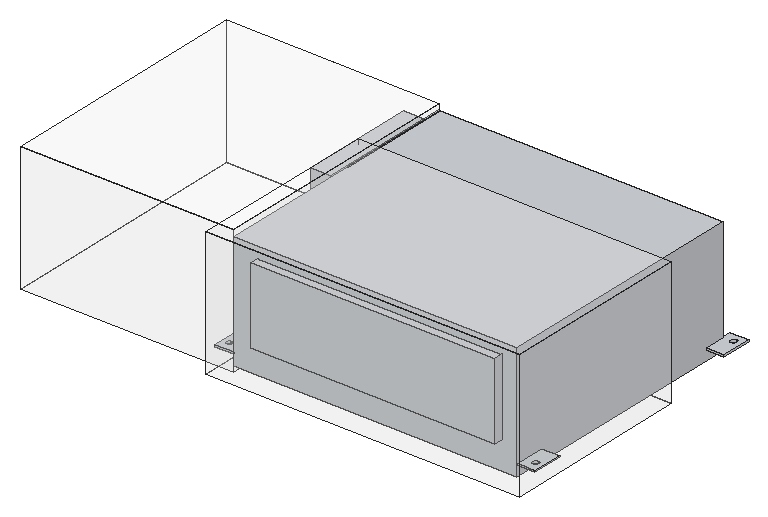
Revit family "pefy-p90_280mg9-f_60Hz", category 機械設備, Revit 2019
Family settings
  丸型コネクタ寸法 = 直径を使用
  パーツ タイプ = 標準
  OmniClass 番号 = 23.75.10.24.21.27.27
  OmniClass タイトル = Split System Air Conditioning Units
  作業面ベース = いいえ
  常に垂直 = はい
  ロード時にボイドで切り取り = いいえ
  共有 = いいえ
  部屋計算ポイント = はい
Parameters (values of type "PEFY-P90MG9-F")
  風量（m3／min） = 9
  風量 = MAX風量  # 540.0 m³/h
  音響パワーレベル(dB) = 58
  電源種別 = ""
  電源_H = 0 mm
  電圧_電気ヒーター = 0 V
  電圧 = 200 V
  電動機出力_送風機 = 0.07 kW
  運転質量 = 0.00 kg
  連動 = ""
  質量 = if(製品質量 > 運転質量, 製品質量, 運転質量) * 1.2  # 62.40 kg
  負荷分類 = 3_ファン類
  説明 = "ビル用マルチエアコン オールフレッシュ　室内機"
  設計暖房能力 = 0.00 kW
  設計冷房能力_顕熱 = 0 kW
  設計冷房能力 = 0 kW
  設置方法 = "天井吊(隠ぺい)形"
  記号 = ""
  製造元 = "三菱電機株式会社"
  製品質量 = 52.00 kg
  製品出荷対象 = "国内"
  製品リリース年月 = "2022年9月15日"
  製品グループ = ""
  系統 = ""
  符号 = "ACP_CID"
  積算_科目 = "1 空気調和設備"
  積算_拾い区分 [instance] = ""
  相_電気ヒーター = 1
  相 = 1
  盤記号 = ""
  発停方法 = ""
  特殊仕様 = ""
  点検口離隔 [instance] = if(点検口離隔入力値 > 200 mm, 200 mm, if(点検口離隔入力値 < 150 mm, 150 mm, 点検口離隔入力値))  # 150 mm
  点検口離隔入力値 [instance] = 150 mm
  点検口設置範囲 = 700 mm
  点検口位置 = 200 mm
  点検口 = yes
  火災停止 = ""
  消費電力_電気ヒーター = 0.00 kW
  消費電力_暖房 = 0.15 kW
  消費電力_加湿器 = 0.00 kW
  消費電力_冷房 = 0.15 kW
  消費電力 = if(消費電力_冷房 > 消費電力_暖房, 消費電力_冷房, 消費電力_暖房) + 消費電力_加湿器 + 消費電力_電気ヒーター  # 0.15 kW
  法定耐用年数 = "15"
  機外静圧 = 130.0 Pa
  極数 = 3
  材質 = ""
  本体マテリアル = none
  有効加湿量 = 0
  暖房能力 = 8.50 kW
  推奨ブレーカー容量 = 0 A
  形式_加湿器 = ""
  形式 = "天井吊（隠ぺい）形（両ダクト形）"
  幹線記号 = ""
  始動方式 = ""
  呼称 = "室内機_天井吊(隠ぺい)形(両ダクト形)"
  周波数 = 60 Hz
  吊り幅 = if(Depth = 900 mm, 60 mm, 61 mm)  # 60 mm
  吊り位置Y = 814 mm
  吊り位置X = 1004 mm
  吊りボルト_H = 41 mm  # constant formula
  台数_手元リモコン = ""
  台数_冷媒分岐ユニット = ""
  参照している仕様書等のバージョン = "公共建築工事標準仕様書（機械設備工事編）平成31年度版"
  加湿給水管径 = 0 mm
  分類コード = "50053003221070"
  分類グループ = ""
  冷房能力 = 9 kW
  冷媒高低圧ガス管径 = 0 mm
  冷媒管径符号 = "Bd"
  冷媒管径 = 100 mm
  冷媒液管径 = 9.52 mm
  冷媒液管_縦 = 77 mm
  冷媒液管_横 = 92 mm
  冷媒ガス管径 = 15.88 mm
  冷媒ガス管_縦 = 130 mm
  冷媒ガス管_横 = 200 mm
  企業コード = "108420"
  付属品_フィルター = ""
  付属品 = ""
  仕様書バージョン = "Version1.0"
  モデル = "PEFY-P90MG9-F"
  ドレン管径 = 32 mm
  ドレン管_縦 = 328 mm
  ドレン管_横 = 387 mm
  サービススペース = yes
  コメント [instance] = ""
  ケーブル種類 = ""
  ケーブルサイズ = 1.6 mm
  Width = 1000 mm
  Version = ""
  Uniclass2015Version = "Systems v1.9"
  Uniclass2015Title = "Split coil remote air cooled condensing units"
  Uniclass2015Code = "Pr_70_65_03_84"
  URL = "https://www.mitsubishielectric.co.jp/ldg/wink/ssl/displayProduct.do?pid=317055"
  SpecificationReference = ""
  SpecificationDescription = ""
  S_H = Height + 20 mm  # 400 mm
  SAサイズ_W = 800 mm
  SAサイズ_D = 250 mm
  Revision = ""
  RAサイズ_W = 850 mm
  RAサイズ_D = 340 mm
  ProductInformation = ""
  OmniClassCode = "23-33 17 13 11"
  MAX風量 = 風量（m3／min） * 60.0 m³/h  # 540.0 m³/h
  IfcTypeProduct = ""
  IfcProduct = ""
  IfcExportType = "AIRCONDITIONINGUNIT"
  IfcExportAs = "IfcUnitaryEquipmentType"
  Height = 380 mm
  Depth = 900 mm
  Clearance Top = 20 mm  # constant formula
  Clearance Right = 50 mm  # constant formula
  Clearance Left = if(Width = 1000 mm, 980 mm, if(Width = 1200 mm, 1180 mm, 1300 mm))  # 980 mm
  Clearance Front = if(Depth = 900 mm, 575 mm, 680 mm)  # 575 mm
  Clearance Bottom = 20 mm  # constant formula
  Clearance Back = 50 mm  # constant formula
  Author = "三菱電機株式会社"
Types (6, lengths in mm): name | 風量（m3／min） | 風量 | 音響パワーレベル(dB) | 電動機出力_送風機 | 質量 | 製品質量 | 相 | 点検口設置範囲 | 消費電力_暖房 | 消費電力_冷房 | 消費電力 | 機外静圧 | 暖房能力 | 吊り幅 | 吊り位置Y | 吊り位置X | 冷房能力 | 冷媒管径符号 | 冷媒液管_縦 | 冷媒液管_横 | 冷媒ガス管径 | 冷媒ガス管_縦 | 冷媒ガス管_横 | モデル | ドレン管_縦 | ドレン管_横 | Width | URL | S_H | SAサイズ_W | SAサイズ_D | RAサイズ_W | RAサイズ_D | MAX風量 | Height | Depth | Clearance Left | Clearance Front
  PEFY-P90MG9-F | 9 | 540.0 m³/h | 58 | 0.07 kW | 62.40 kg | 52.00 kg | 1 | 700 | 0.15 kW | 0.15 kW | 0.15 kW | 130.0 Pa | 8.50 kW | 60 | 814 | 1004 | 9 kW | "Bd" | 77 | 92 | 15.88 | 130 | 200 | "PEFY-P90MG9-F" | 328 | 387 | 1000 | "https://www.mitsubishielectric.co.jp/ldg/wink/ssl/displayProduct.do?pid=317055" | 400 | 800 | 250 | 850 | 340 | 540.0 m³/h | 380 | 900 | 980 | 575
  PEFY-P112MG9-F | 14 | 840.0 m³/h | 60 | 0.08 kW | 81.60 kg | 68.00 kg | 1 | 700 | 0.21 kW | 0.21 kW | 0.21 kW | 130.0 Pa | 10.60 kW | 60 | 814 | 1204 | 11.2 kW | "Bd" | 77 | 92 | 15.88 | 130 | 200 | "PEFY-P112MG9-F" | 328 | 387 | 1200 | "https://www.mitsubishielectric.co.jp/ldg/wink/ssl/displayProduct.do?pid=317056" | 400 | 1000 | 250 | 1050 | 340 | 840.0 m³/h | 380 | 900 | 1180 | 575
  PEFY-P140MG9-F | 14 | 840.0 m³/h | 61 | 0.08 kW | 81.60 kg | 68.00 kg | 1 | 700 | 0.21 kW | 0.20 kW | 0.21 kW | 130.0 Pa | 13.20 kW | 60 | 814 | 1204 | 14 kW | "Bd" | 77 | 92 | 15.88 | 130 | 200 | "PEFY-P140MG9-F" | 328 | 387 | 1200 | "https://www.mitsubishielectric.co.jp/ldg/wink/ssl/displayProduct.do?pid=317057" | 400 | 1000 | 250 | 1050 | 340 | 840.0 m³/h | 380 | 900 | 1180 | 575
  PEFY-P160MG9-F | 18 | 1080.0 m³/h | 62 | 0.09 kW | 81.60 kg | 68.00 kg | 1 | 700 | 0.23 kW | 0.23 kW | 0.23 kW | 130.0 Pa | 15.10 kW | 60 | 814 | 1204 | 16 kW | "Bd" | 77 | 92 | 15.88 | 130 | 200 | "PEFY-P160MG9-F" | 328 | 387 | 1200 | "https://www.mitsubishielectric.co.jp/ldg/wink/ssl/displayProduct.do?pid=317058" | 400 | 1000 | 250 | 1050 | 340 | 1080.0 m³/h | 380 | 900 | 1180 | 575
  PEFY-P224MG9-F | 28 | 1680.0 m³/h | 67 | 0.20 kW | 110.40 kg | 92.00 kg | 3 | 800 | 0.38 kW | 0.38 kW | 0.38 kW | 200.0 Pa | 21.20 kW | 61 | 1034 | 1326 | 22.4 kW | "Be" | 44 | 95 | 19.05 | 164 | 249 | "PEFY-P224MG9-F" | 327 | 489 | 1250 | "https://www.mitsubishielectric.co.jp/ldg/wink/ssl/displayProduct.do?pid=317059" | 490 | 1100 | 340 | 1100 | 420 | 1680.0 m³/h | 470 | 1120 | 1300 | 680
  PEFY-P280MG9-F | 35 | 2100.0 m³/h | 71 | 0.23 kW | 116.40 kg | 97.00 kg | 3 | 800 | 0.45 kW | 0.45 kW | 0.45 kW | 200.0 Pa | 26.50 kW | 61 | 1034 | 1326 | 28 kW | "Bf" | 44 | 95 | 22.2 | 164 | 249 | "PEFY-P280MG9-F" | 327 | 489 | 1250 | "https://www.mitsubishielectric.co.jp/ldg/wink/ssl/displayProduct.do?pid=317060" | 490 | 1100 | 340 | 1100 | 420 | 2100.0 m³/h | 470 | 1120 | 1300 | 680
Reference planes
  plane 1 "中心(正面/背面)": y = -138.467
  plane 2: z = 0
  plane 3 "中心(左/右)": x = 140.396
  plane 4: z = 380
  plane 5: z = 400
  plane 6: x = 642.396
  plane 7: x = -361.604
  plane 8: y = -528.467
  plane 9: y = 285.533
  plane 10: y = -588.467
  plane 11: y = 311.533
  plane 12: x = 605.396
  plane 13: x = -394.604
  plane 14: z = -20
  plane 15: x = 665.396
  plane 16: y = -559.467
  plane 17: y = 287.533
  plane 18: y = -135.967
  plane 19: y = -362.467
  plane 20: y = 87.533
  plane 21: x = -324.604
  plane 22: x = -474.604
  plane 23: x = -1024.604
  plane 24: z = 400
  plane 25: x = -374.604
  plane 26: y = -609.467
  plane 27: x = 655.396
  plane 28: y = 15.533
  plane 29: y = -359.467
Dimensions and locks
  "S_H": plane 5 to level
  "吊り位置X": plane 6 to plane 7
  "吊り位置Y": plane 9 to plane 8
  equal spacing: plane 11, plane 1 "中心(正面/背面)", plane 10
  "Depth": plane 11 to plane 10
  "Width": plane 12 to plane 13
  "Clearance Bottom": level to plane 14
  locked: plane 8 to plane 10 at 60
  "吊り幅": plane 15 to plane 12
  locked: plane 15 to plane 6 at 23
  "Height": plane 4 to level
  locked: plane 11 to plane 17 at 24
  locked: plane 16 to plane 10 at 29
  locked: plane 20 to plane 19 at 450
  equal spacing: plane 17, plane 18, plane 16
  plane 21 to plane 7 = 37 mm
  "点検口離隔": plane 21 to plane 22
  "点検口設置範囲": plane 21 to plane 23
  "Clearance Top": plane 24 to plane 4
  "Clearance Back": plane 16 to plane 26
  "Clearance Right": plane 21 to plane 25
  "Clearance Front": plane 28 to plane 16
  "Clearance Left": plane 27 to plane 21
  "点検口位置": plane 17 to plane 20
  equal spacing: plane 6, plane 3 "中心(左/右)", plane 7
  equal spacing: plane 12, plane 3 "中心(左/右)", plane 21
  aligned and locked: level to plane 2
  aligned and locked: nested 3 to plane 6
  aligned and locked: nested 3 to plane 7
  aligned and locked: plane 8 to nested 3
  aligned and locked: nested 3 to plane 9
  aligned and locked: nested 4 to plane 3 "中心(左/右)"
  aligned and locked: plane 1 "中心(正面/背面)" to nested 4
  aligned and locked: plane 19 to nested 2
  aligned and locked: plane 20 to nested 2
  aligned and locked: nested 2 to plane 23
  aligned and locked: nested 2 to plane 22
  aligned and locked: plane 24 to nested 1
  aligned and locked: plane 24 to nested 5
  aligned and locked: plane 14 to nested 1
  aligned and locked: plane 14 to nested 5
  aligned and locked: nested 1 to plane 16
  aligned and locked: nested 1 to plane 17
  aligned and locked: nested 1 to plane 23
  aligned and locked: nested 1 to plane 21
  aligned and locked: nested 5 to plane 26
  aligned and locked: nested 5 to plane 28
  aligned and locked: nested 5 to plane 25
  aligned and locked: nested 5 to plane 27
Nested families
  nested 1: "サービススペース" at (-674.604, -135.967, 190) x (-1, 0, 0) z (0, 0, 1), visible <- "サービススペース", type "サービススペース"
    with Width 700 mm, Height 420 mm, Depth 847 mm
  nested 2: "点検口設置範囲" at (-749.604, -137.467, 0) x (-1, 0, 0) z (0, 0, 1), visible <- "点検口", type "点検口設置範囲"
    with Width 550 mm, Depth 450 mm
  nested 3: "固定点" at (642.396, 285.533, 0) x (-1, 0, 0) z (0, 0, 1), type "固定点"
    with W 1004 mm, D 814 mm
  nested 4: "PEFY-P○○○MG9" at (312.896, -138.467, 0) x (0, -1, 0) z (0, 0, 1), type "PEFY-P○○○MG9"
    with 制御ボクス yes, ユニット表示 yes, y 70 mm, e 80 mm, d 40 mm, R2 250 mm, R1 94 mm, L2 340 mm, L1 17 mm, E 800 mm, A 1050 mm, 高さ 380 mm, 奥行き 1000 mm, 冷媒液管径-Z 77 mm, 冷媒液管径-Y 62 mm, 冷媒液管径-X 92 mm, 冷媒ガス管径-Z 130 mm, 冷媒ガス管径-Y 78 mm, 冷媒ガス管径-X 200 mm, ドレン管径-Z 328 mm, ドレン管径-X 387 mm, 冷媒ガス配管サイズ 15.88 mm, D 850 mm, 幅さ 900 mm, B 1004 mm
  nested 5: "サービススペース" at (140.396, -296.967, 190) x (-1, 0, 0) z (0, 0, 1), visible <- "サービススペース", type "サービススペース"
    with Width 1030 mm, Height 420 mm, Depth 625 mm
Connectors
  hvac at (155.396, -588.467, 219), driven by "SAサイズ_D", driven by "SAサイズ_W", driven by "機外静圧", driven by "風量"
    settings: on nested 4, index 1, duct flow 540.0 m³/h, flow factor 0, pres drop 130.0 Pa, loss coef 0, conn angle 0.00°, conn width 800 mm, conn height 250 mm, conn diameter 609.6 mm, duct sys type 29, conn prof type 1, flow config 0, flow direction 2, loss method 4, conn ref index -1, conn util no, is conn primary yes, conn desc ""
  hvac at (140.396, 311.533, 187), driven by "RAサイズ_D", driven by "RAサイズ_W", driven by "機外静圧", driven by "風量"
    settings: on nested 4, index 2, duct flow 540.0 m³/h, flow factor 0, pres drop 130.0 Pa, loss coef 0, conn angle 0.00°, conn width 850 mm, conn height 340 mm, conn diameter 609.6 mm, duct sys type 29, conn prof type 1, flow config 0, flow direction 1, loss method 4, conn ref index -1, conn util no, is conn primary no, conn desc ""
  piping at (-386.604, -313.467, 168.5), diameter 100, driven by "冷媒管径", driven by "冷媒管径符号"
    settings: on nested 4, index 3, connector inside diameter 609.6 mm, connector length 0 mm, flow factor 0, pipe flow 0.0 L/s, pressure drop 0.0 Pa, fitting loss kfactor 0, connector angle 0.00°, fixture units 0, engagement length 0 mm, angle of deflection 0.00°, flow configuration 1, flow direction 1, fitting loss method 4, system type 7, joint type 0, gender type 0, connector reference index -1, connector utility 0, adjustable connector no, is connector primary yes, connector description "Bd"
  piping at (-334.604, -172.467, 328), diameter 32, driven by "ドレン管径"
    settings: on nested 4, index 4, connector inside diameter 609.6 mm, connector length 0 mm, flow factor 0, pipe flow 0.0 L/s, pressure drop 0.0 Pa, fitting loss kfactor 0, connector angle 0.00°, fixture units 0, engagement length 0 mm, angle of deflection 0.00°, flow configuration 1, flow direction 2, fitting loss method 4, system type 16, joint type 0, gender type 0, connector reference index -1, connector utility 0, adjustable connector no, is connector primary no, connector description ""
  electrical at (-394.604, 39.533, 131.25), driven by "極数", driven by "負荷分類", driven by "電圧", driven by "消費電力"
    settings: on nested 4, index 6, voltage 200 V, apparent load 150 VA, apparent load phase1 0 VA, apparent load phase2 0 VA, apparent load phase3 0 VA, power factor 1, load classification "3_ファン類", number of poles 3, system type 30, power factor state 1, is connector primary yes, connector utility no, sub classification motor no, connector description ""
Definition of nested family "サービススペース"
  Parameters (values of type "サービススペース")
    Width [instance] = 500 mm
    Height [instance] = 500 mm
    Depth [instance] = 500 mm
  Reference planes
    plane 1 "中心(正面/背面)": y = 0
    plane 2: z = 0
    plane 3 "中心(左/右)": x = 0
    plane 4: y = -250
    plane 5: x = 250
    plane 6: y = 250
    plane 7: x = -250
    plane 8: z = 250
    plane 9: z = -250
  Forms (mm)
    Extrusion 1, solid
      sketch origin (-638.939, 0, 72.39) x (1, 0, 0) y (0, 1, 0)
        loop
          line (388.939, 250) -> (388.939, -250) -> (888.939, -250) -> (888.939, 250) -> (388.939, 250)
      from -322.39 to 177.61
  Lines and regions (mm)
    symbolic lines
      curve 1: line (-250, 0, 250) -> (250, 0, 250)
      curve 2: line (-250, 0, -250) -> (-250, 0, 250)
      curve 3: line (250, 0, -250) -> (-250, 0, -250)
      curve 4: line (250, 0, 250) -> (250, 0, -250)
      curve 5: line (0, -250, 250) -> (0, 250, 250)
      curve 6: line (0, -250, -250) -> (0, -250, 250)
      curve 7: line (0, 250, -250) -> (0, -250, -250)
      curve 8: line (0, 250, 250) -> (0, 250, -250)
      curve 9: line (-250, 250, 0) -> (250, 250, 0)
      curve 10: line (-250, -250, 0) -> (-250, 250, 0)
      curve 11: line (250, -250, 0) -> (-250, -250, 0)
      curve 12: line (250, 250, 0) -> (250, -250, 0)
  Dimensions and locks
    equal spacing: plane 7, plane 3 "中心(左/右)", plane 5
    equal spacing: plane 4, plane 1 "中心(正面/背面)", plane 6
    "Depth": plane 4 to plane 6
    "Width": plane 7 to plane 5
    equal spacing: plane 8, plane 2, plane 9
    "Height": plane 8 to plane 9
    aligned and locked: plane 9 to curve 3
    aligned and locked: plane 7 to curve 2
    aligned and locked: curve 4 to plane 5
    aligned and locked: plane 5 to Extrusion 1
    aligned and locked: Extrusion 1 to plane 7
    aligned and locked: Extrusion 1 to plane 9
    aligned and locked: plane 8 to Extrusion 1
    aligned and locked: plane 9 to curve 7
  Automatic sketch dimensions
    plane 4 to Extrusion 1 sketch curve = 0 mm
    Extrusion 1 sketch curve to plane 7 = 0 mm
    Extrusion 1 sketch curve to plane 5 = 0 mm
    plane 6 to Extrusion 1 sketch curve = 0 mm
    curve 2 to plane 8 = 0 mm
    plane 4 to curve 11 = 0 mm
    curve 11 to plane 7 = 0 mm
    curve 11 to plane 5 = 0 mm
    plane 6 to curve 10 = 0 mm
    curve 7 to plane 4 = 0 mm
    curve 7 to plane 6 = 0 mm
    curve 6 to plane 8 = 0 mm
Definition of nested family "PEFY-P○○○MG9"
  Parameters (values of type "PEFY-P○○○MG7")
    配線取出口サイズ = 36 mm
    配線取出口-Z = 60 mm  # constant formula
    配線取出口-Y = 10 mm  # constant formula
    配線取出口-X = 50 mm  # constant formula
    制御ボクス [instance] = and(ユニット表示, 幅さ = 900 mm)  # no
    冷媒液配管サイズ = 9.52 mm
    y = if(幅さ = 900 mm, 70 mm, 0 mm)  # 0 mm
    e = if(幅さ = 900 mm, 80 mm, 100 mm)  # 100 mm
    d = if(幅さ = 900 mm, 40 mm, 102 mm)  # 102 mm
    R2 = 340 mm
    R1 = if(幅さ = 900 mm, 94 mm, 105 mm)  # 105 mm
    L2 = 420 mm
    L1 = if(幅さ = 900 mm, 17 mm, 20 mm)  # 20 mm
    E = 1100 mm
    C = 930 mm
    A = if(奥行き = 1000 mm, 1050 mm, if(奥行き = 1200 mm, 1250 mm, 1372 mm))  # 1372 mm
    高さ = 470 mm
    奥行き = 1250 mm
    吊りボルト_H = 167 mm
    冷媒配管 = 100 mm
    冷媒液管径-Z = 44 mm
    冷媒液管径-Y = if(幅さ = 900 mm, 62 mm, 100 mm)  # 100 mm
    冷媒液管径-X = 95 mm
    冷媒ガス管径-Z = 164 mm
    冷媒ガス管径-Y = if(幅さ = 900 mm, 78 mm, 100 mm)  # 100 mm
    冷媒ガス管径-X = 249 mm
    ユニット表示 [instance] = yes
    吊りボルトピッチ = 814 mm
    ドレン配管サイズ = 32 mm
    ドレン管径-Z = 327 mm
    ドレン管径-Y = 10 mm  # constant formula
    ドレン管径-X = 489 mm
    冷媒ガス配管サイズ = 19.05 mm
    D = 1100 mm
    幅さ = 1120 mm
    B = 1326 mm
  Reference planes
    plane 1 "中心(正面/背面)": y = -172.5
    plane 2: z = 0
    plane 3 "中心(左/右)": x = 0
    plane 4: z = 470
    plane 5: z = -20
    plane 6: x = -560
    plane 7: x = 560
    plane 8: y = -858.5
    plane 9: z = 490
    plane 10: y = 452.5
    plane 11: y = -797.5
    plane 12: x = -536
    plane 13: x = 531
    plane 14: z = 41
    plane 15: z = 36
    plane 16: y = 402.5
    plane 17: y = -697.5
    plane 18: y = 404.5
    plane 19: y = -695.5
    plane 20: y = 490.5
    plane 21: z = 440
    plane 22: z = 20
    plane 23: z = 105
    plane 24: z = 445
    plane 25: y = -797.5
    plane 26: x = -476
    plane 27: x = -416
    plane 28: z = 120
    plane 29: z = 170
    plane 30: y = -802.5
    plane 31: x = -564
    plane 32: x = 500
    plane 33: x = -314
    plane 34: x = -464
    plane 35: x = 431
    plane 36: y = 513.5
    plane 37: y = -835.5
    plane 38: y = -862.5
    plane 39: y = -807.5
    plane 40: y = -897.5
    plane 41: y = -897.5
    plane 42: x = 282
    plane 43: z = 164
    plane 44: x = 187
    plane 45: z = 208
    plane 46: x = 234.5
    plane 47: z = 186
    plane 48: x = 42
    plane 49: x = -50
    plane 50: z = 327
    plane 51: x = -366
    plane 52: z = 60
    plane 53: x = -93
  Forms (mm)
    Extrusion 1, solid, visible <- "ユニット表示", detail levels fine
      sketch origin (0, 0, 0) x (1, 0, 0) y (0, 1, 0)
        loop
          line (-536, 452.5) -> (-536, -797.5) -> (531, -797.5) -> (531, 452.5) -> (-536, 452.5)
      from 0 to 470
    Extrusion 2, solid, visible <- "ユニット表示", detail levels fine
      sketch origin (0, 0, 0) x (1, 0, 0) y (0, 1, 0)
        loop
          line (-560, 404.5) -> (-560, -695.5) -> (-536, -695.5) -> (-536, 404.5) -> (-560, 404.5)
      from 20 to 440
    Extrusion 3, solid, visible <- "ユニット表示", detail levels fine
      sketch origin (0, 0, 0) x (1, 0, 0) y (0, 1, 0)
        loop
          line (560, 402.5) -> (531, 402.5) -> (531, -697.5) -> (560, -697.5) -> (560, 402.5)
      from 105 to 445
    Extrusion 4, solid, visible <- "ユニット表示", detail levels fine
      sketch origin (1480.036, -797.5, 1200) x (1, 0, 0) y (0, 0, 1)
        loop
          line (-2016.036, -730) -> (-2016.036, -1080) -> (-1896.036, -1200) -> (-1530.036, -1200) -> (-1530.036, -730) -> (-2016.036, -730)
      from 0 to 5
    Extrusion 5, solid, visible <- "制御ボクス", detail levels fine
      sketch origin (1480.036, -802.5, 1200) x (1, 0, 0) y (0, 0, 1)
        loop
          line (-1956.036, -1030) -> (-1573.036, -1030) -> (-1573.036, -730) -> (-1956.036, -730) -> (-1956.036, -1030)
      from 0 to 65
    Extrusion 6, solid, visible <- "ユニット表示", detail levels fine
      sketch origin (-1437.329, -1524, 36) x (-1, 0, 0) y (0, -1, 0)
        loop
          line (-973.329, -2037.5) -> (-873.329, -2037.5) -> (-873.329, -1976.5) -> (-973.329, -1976.5) -> (-973.329, -2037.5)
        loop
          line (-1868.329, -2037.5) -> (-1868.329, -1976.5) -> (-1968.329, -1976.5) -> (-1968.329, -2037.5) -> (-1868.329, -2037.5)
        loop
          line (-1868.329, -665.5) -> (-1968.329, -665.5) -> (-1968.329, -726.5) -> (-1868.329, -726.5) -> (-1868.329, -665.5)
        loop
          line (-873.329, -726.5) -> (-873.329, -665.5) -> (-973.329, -665.5) -> (-973.329, -726.5) -> (-873.329, -726.5)
        loop
          circle (-1123.329, -2014.5) r 10
        loop
          circle (-1937.329, -2014.5) r 10
        loop
          circle (-1937.329, -688.5) r 10
        loop
          circle (-1123.329, -688.5) r 10
      from 0 to 5
    Extrusion 7, solid, visible <- "ユニット表示", detail levels fine
      sketch origin (1480.036, -797.5, 1200) x (1, 0, 0) y (0, 0, 1)
        loop
          circle (-1198.036, -1036) r 9.525
      from 0 to 100
    Extrusion 8, solid, visible <- "ユニット表示", detail levels fine
      sketch origin (1480.036, -797.5, 1200) x (1, 0, 0) y (0, 0, 1)
        loop
          circle (-1293.036, -992) r 4.76
      from 0 to 100
    Extrusion 9, solid, visible <- "ユニット表示", detail levels fine
      sketch origin (1480.036, -797.5, 1200) x (1, 0, 0) y (0, 0, 1)
        loop
          circle (-1245.536, -1014) r 50
      from 0 to 100
    Extrusion 10, solid, visible <- "ユニット表示", detail levels fine
      sketch origin (1480.036, -797.5, 1200) x (1, 0, 0) y (0, 0, 1)
        loop
          circle (-1438.036, -873) r 16
      from 0 to 10
    Extrusion 11, solid, visible <- "ユニット表示", detail levels fine
      sketch origin (1480.036, -797.5, 1200) x (1, 0, 0) y (0, 0, 1)
        loop
          circle (-1846.036, -1140) r 18
      from 0 to 10
    Extrusion 12, solid, visible <- "制御ボクス", detail levels fine
      sketch origin (1480.036, -797.5, 1200) x (1, 0, 0) y (0, 0, 1)
        loop
          line (-1896.036, -1014) -> (-1896.036, -1095) -> (-1530.036, -1095) -> (-1530.036, -1014) -> (-1896.036, -1014)
      from 0 to 70
  Dimensions and locks
    locked: level to plane 5 at 20
    equal spacing: plane 6, plane 3 "中心(左/右)", plane 7
    "幅さ": plane 6 to plane 7
    locked: plane 9 to plane 4 at 20
    "高さ": plane 4 to level
    locked: plane 6 to plane 12 at 24
    locked: plane 13 to plane 7 at 29
    locked: plane 14 to level at 41
    locked: plane 14 to plane 15 at 5
    "D": plane 19 to plane 18
    "E": plane 17 to plane 16
    "L1": plane 22 to level
    "R2": plane 24 to plane 23
    "R1": plane 23 to level
    "L2": plane 21 to plane 22
    "e": plane 11 to plane 17
    "d": plane 11 to plane 19
    "奥行き": plane 25 to plane 10
    plane 12 to plane 26 to plane 27 = 60 mm locked, 60 mm locked
    locked: plane 28 to level at 120
    locked: plane 29 to plane 28 at 50
    locked: plane 30 to plane 11 at 5
    locked: plane 31 to plane 6 at 4
    locked: plane 32 to plane 7 at 60
    "吊りボルトピッチ": plane 33 to plane 32
    locked: plane 31 to plane 34 at 100
    locked: plane 35 to plane 13 at 100
    "y": plane 25 to plane 11
    "B": plane 37 to plane 20
    plane 8 to plane 37 = 23 mm
    locked: plane 38 to plane 30 at 60
    "ドレン管径-Y": plane 39 to plane 11
    "冷媒液管径-Y": plane 40 to plane 11
    "冷媒ガス管径-Y": plane 41 to plane 11
    "冷媒ガス管径-Z": plane 43 to level
    "冷媒ガス管径-X": plane 42 to plane 13
    "冷媒液管径-X": plane 44 to plane 42
    "冷媒液管径-Z": plane 45 to plane 43
    equal spacing: plane 45, plane 47, plane 43
    equal spacing: plane 44, plane 46, plane 42
    "ドレン管径-X": plane 48 to plane 13
    locked: plane 49 to plane 3 "中心(左/右)" at 50
    "ドレン管径-Z": plane 50 to level
    locked: plane 27 to plane 51 at 50
    "配線取出口-Z": plane 52 to level
    "A": plane 8 to plane 36
    equal spacing: plane 11, plane 1 "中心(正面/背面)", plane 10
    equal spacing: plane 8, plane 1 "中心(正面/背面)", plane 36
    equal spacing: plane 37, plane 1 "中心(正面/背面)", plane 20
    plane 26 to plane 53 = 383 mm
    plane 53 to plane 26 = 383 mm
    diameter of Extrusion 6 sketch curve = 20 mm  (x4)
    "冷媒ガス配管サイズ": diameter of Extrusion 7 sketch curve
    "冷媒液配管サイズ": diameter of Extrusion 8 sketch curve
    "冷媒配管": diameter of Extrusion 9 sketch curve
    "ドレン配管サイズ": diameter of Extrusion 10 sketch curve
    "配線取出口サイズ": diameter of Extrusion 11 sketch curve
    aligned and locked: level to plane 2
    aligned and locked: plane 10 to Extrusion 1 sketch curve
    aligned and locked: plane 12 to Extrusion 1 sketch curve
    aligned and locked: Extrusion 1 sketch curve to plane 11
    aligned and locked: Extrusion 1 sketch curve to plane 13
    aligned and locked: Extrusion 1 to level
    aligned and locked: plane 4 to Extrusion 1
    aligned and locked: plane 18 to Extrusion 2 sketch curve
    aligned and locked: Extrusion 2 sketch curve to plane 19
    aligned and locked: Extrusion 2 sketch curve to plane 12
    aligned and locked: plane 6 to Extrusion 2 sketch curve
    aligned and locked: Extrusion 2 to plane 22
    aligned and locked: plane 21 to Extrusion 2
    aligned and locked: Extrusion 3 sketch curve to plane 16
    aligned and locked: plane 17 to Extrusion 3 sketch curve
    aligned and locked: Extrusion 3 sketch curve to plane 13
    aligned and locked: plane 7 to Extrusion 3 sketch curve
    aligned and locked: Extrusion 3 to plane 23
    aligned and locked: plane 24 to Extrusion 3
    aligned and locked: Extrusion 4 sketch curve to plane 4
    aligned and locked: Extrusion 4 sketch curve to plane 12
    aligned and locked: Extrusion 4 sketch curve to level
    aligned and locked: Extrusion 4 to plane 11
    aligned and locked: plane 30 to Extrusion 4
    aligned and locked: Extrusion 5 sketch curve to plane 29
    aligned and locked: Extrusion 5 sketch curve to plane 26
    aligned and locked: Extrusion 5 sketch curve to plane 4
    aligned and locked: Extrusion 5 to plane 30
    aligned and locked: Extrusion 6 sketch curve to plane 36
    aligned and locked: plane 34 to Extrusion 6 sketch curve
    aligned and locked: plane 10 to Extrusion 6 sketch curve
    aligned and locked: Extrusion 6 sketch curve to plane 31
    aligned and locked: plane 36 to Extrusion 6 sketch curve
    aligned and locked: plane 35 to Extrusion 6 sketch curve
    aligned and locked: Extrusion 6 sketch curve to Extrusion 1  (x4)
    aligned and locked: plane 8 to Extrusion 6 sketch curve
    aligned and locked: Extrusion 6 sketch curve to plane 35
    aligned and locked: plane 11 to Extrusion 6 sketch curve
    aligned and locked: plane 31 to Extrusion 6 sketch curve
    aligned and locked: Extrusion 6 sketch curve to plane 8
    aligned and locked: Extrusion 6 sketch curve to plane 34
    aligned and locked: plane 37 to Extrusion 6 sketch curve  (x2)
    aligned and locked: plane 33 to Extrusion 6 sketch curve  (x2)
    aligned and locked: plane 32 to Extrusion 6 sketch curve  (x2)
    aligned and locked: plane 20 to Extrusion 6 sketch curve  (x2)
    aligned and locked: Extrusion 6 to plane 15
    aligned and locked: plane 14 to Extrusion 6
    aligned and locked: plane 43 to Extrusion 7 sketch curve
    aligned and locked: plane 42 to Extrusion 7 sketch curve
    aligned and locked: Extrusion 7 to plane 11
    aligned and locked: plane 41 to Extrusion 7
    aligned and locked: plane 45 to Extrusion 8 sketch curve
    aligned and locked: plane 44 to Extrusion 8 sketch curve
    aligned and locked: Extrusion 8 to plane 11
    aligned and locked: plane 40 to Extrusion 8
    aligned and locked: Extrusion 9 to plane 11
    aligned and locked: plane 40 to Extrusion 9
    aligned and locked: Extrusion 4 sketch curve to plane 49
    aligned and locked: plane 50 to Extrusion 10 sketch curve
    aligned and locked: plane 48 to Extrusion 10 sketch curve
    aligned and locked: Extrusion 10 to plane 11
    aligned and locked: plane 39 to Extrusion 10
    aligned and locked: plane 52 to Extrusion 11 sketch curve
    aligned and locked: plane 51 to Extrusion 11 sketch curve
    aligned and locked: Extrusion 11 to plane 11
    aligned and locked: plane 39 to Extrusion 11
    aligned and locked: plane 47 to Extrusion 9 sketch curve
    aligned and locked: plane 46 to Extrusion 9 sketch curve
    aligned and locked: Extrusion 5 sketch curve to plane 53
    aligned and locked: plane 27 to Extrusion 12 sketch curve
    aligned and locked: Extrusion 12 sketch curve to plane 49
    aligned and locked: plane 23 to Extrusion 12 sketch curve
    aligned and locked: Extrusion 12 sketch curve to plane 47
  Automatic sketch dimensions
    Extrusion 4 sketch curve to plane 27 = 0 mm
    Extrusion 4 sketch curve to plane 28 = 0 mm
Definition of nested family "点検口設置範囲"
  Parameters (values of type "点検口設置範囲")
    Width [instance] = 1000 mm
    Depth [instance] = 700 mm
  Reference planes
    plane 1 "中心(正面/背面)": y = 0
    plane 2: z = 0
    plane 3 "中心(左/右)": x = 0
    plane 4: x = -500
    plane 5: x = 500
    plane 6: y = -350
    plane 7: y = 350
  Lines and regions (mm)
    model lines
      curve 1: line (-500, 350, 0) -> (500, 350, 0)
      curve 2: line (-500, -350, 0) -> (-500, 350, 0)
      curve 3: line (500, -350, 0) -> (-500, -350, 0)
      curve 4: line (500, 350, 0) -> (500, -350, 0)
  Dimensions and locks
    "Depth": plane 7 to plane 6
    "Width": plane 4 to plane 5
    equal spacing: plane 7, plane 1 "中心(正面/背面)", plane 6
    equal spacing: plane 4, plane 3 "中心(左/右)", plane 5
    aligned and locked: level to plane 2
    aligned and locked: plane 4 to curve 2
    aligned and locked: curve 1 to plane 7
    aligned and locked: curve 4 to plane 5
    aligned and locked: plane 6 to curve 3
Definition of nested family "固定点"
  Parameters (values of type "固定点")
    中心円 = 20 mm
    W [instance] = 1000 mm
    D [instance] = 1000 mm
  Reference planes
    plane 1 "中心(正面/背面)": y = 0
    plane 2: z = 0
    plane 3 "中心(左/右)": x = 0
    plane 4: x = 1000
    plane 5: y = 1000
  Lines and regions (mm)
    symbolic lines, detail levels fine
      curve 1: circle (0, 1000, 0) r 10 normal (0, 0, 1)
      curve 2: circle (0, 0, 0) r 10 normal (0, 0, 1)
      curve 3: circle (1000, 1000, 0) r 10 normal (0, 0, 1)
      curve 4: circle (1000, 0, 0) r 10 normal (0, 0, 1)
      curve 5: line (-200, 1000, 0) -> (1200, 1000, 0)
      curve 6: line (-200, 0, 0) -> (1200, 0, 0)
      curve 7: line (0, 1200, 0) -> (0, -200, 0)
      curve 8: line (1000, 1200, 0) -> (1000, -200, 0)
  Dimensions and locks
    "W": plane 3 "中心(左/右)" to plane 4
    "D": plane 1 "中心(正面/背面)" to plane 5
    "中心円": diameter of curve 1
    "中心円": diameter of curve 2
    "中心円": diameter of curve 3
    "中心円": diameter of curve 4
    aligned and locked: level to plane 2
    aligned and locked: plane 5 to curve 1
    aligned and locked: plane 3 "中心(左/右)" to curve 1
    aligned and locked: plane 3 "中心(左/右)" to curve 2
    aligned and locked: plane 1 "中心(正面/背面)" to curve 2
    aligned and locked: plane 4 to curve 3
    aligned and locked: plane 5 to curve 3
    aligned and locked: plane 1 "中心(正面/背面)" to curve 4
    aligned and locked: plane 4 to curve 4
    aligned and locked: plane 1 "中心(正面/背面)" to curve 6
    aligned and locked: curve 7 to plane 3 "中心(左/右)"
    aligned and locked: curve 8 to plane 4
  Automatic sketch dimensions
    curve 5 to plane 5 = 0 mm
    curve 6 to plane 3 "中心(左/右)" = 200 mm
    curve 5 to plane 3 "中心(左/右)" = 200 mm
    curve 4 to curve 6 = 200 mm
    curve 3 to curve 5 = 200 mm
    plane 1 "中心(正面/背面)" to curve 8 = 200 mm
    plane 1 "中心(正面/背面)" to curve 7 = 200 mm
    curve 3 to curve 8 = 200 mm
    curve 1 to curve 7 = 200 mm
